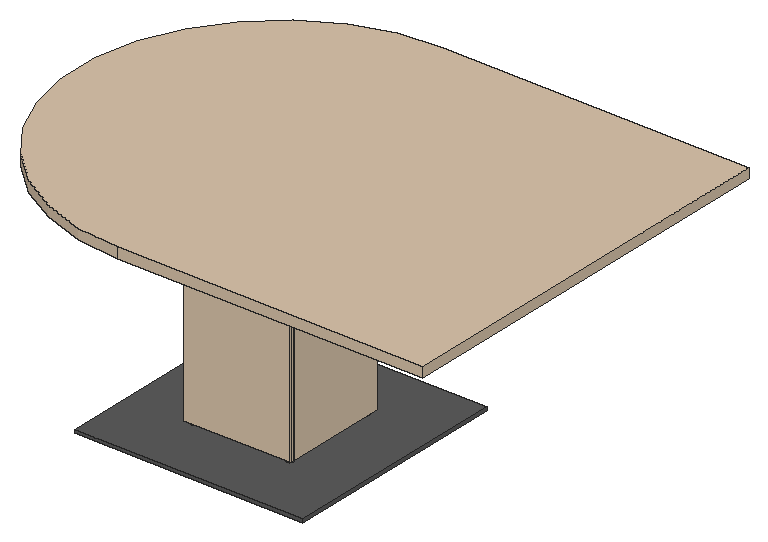
Revit family "Haworth_Planes_ColumnBaseConferenceTable_DTop", category Furniture Systems, Revit 2018
Family settings
  Round Connector Dimension = Use Diameter
  Part Type = Normal
  OmniClass Number = 23.40.70.14.64.21
  OmniClass Title = Systems Furniture
  Work Plane-Based = No
  Always vertical = Yes
  Cut with Voids When Loaded = No
  Shared = No
  Room Calculation Point = No
Parameters (values of type "60w 48d")
  Worksurface Finish = Haworth _ Laminate _ Maple H-AE
  Worksurface Edge Finish = Haworth _ Laminate _ Maple H-AE
  Warranty = "http://www.haworth.com/resources/product-info/warranties"
  URL - Product = "http://www.haworth.com/products/tables/conference/planes"
  Sustainability Info = "http://www.haworth.com/company-info/sustainablility"
  Support Panel Finish = Haworth _ Laminate _ Maple H-AE
  Support Finish = Haworth _ Paint _ Black
  Support Location = 24"
  Model = "Haworth - Planes - Column Base Conferencce Table - D Top"  # constant formula
  Min. Depth = 42"  # constant formula
  Max. Depth = 60"  # constant formula
  Width = 60"
  URL = "http://www.haworth.com/"
  Support Height = Actual Height - Table Thickness  # 27 13/16"
  Size = "Verify Final Dim. w/ Haworth"  # constant formula
  Revision Number = "2"  # constant formula
  Min. Width = if(Actual Depth = 54", 54", if(Actual Depth = 60", 60", 48"))  # 48"
  Max. Width = if(Actual Depth = 54", 72", if(Actual Depth = 60", 84", 72"))  # 72"
  Min. Height = 29"  # constant formula
  Max. Height = 42"  # constant formula
  Manufacturer = "Haworth"  # constant formula
  Height = 29"  # constant formula
  Half Depth = Actual Depth / 2  # 24"
  Description = "Haworth - Planes - Column Base Conferencce Table - D Top"  # constant formula
  Depth = 48"
  Cladding Square = yes
  Cladding Round = no
  Base Plate Square = yes
  Base Plate Round = no
  Base Finish = Haworth _ Paint _ Black
  Author = "Haworth (Hampton)"  # constant formula
  Assembly Code = "E2020200"
  Actual Width = if(Width > Max. Width, Max. Width, if(Width < Min. Width, Min. Width, Width))  # 60"
  Actual Height = if(Height > Max. Height, Max. Height, if(Height < Min. Height, Min. Height, Height))  # 29"
  Table Thickness = 1 3/16"  # constant formula
  Actual Depth = if(Depth > Max. Depth, Max. Depth, if(Depth < Min. Depth, Min. Depth, Depth))  # 48"
  60 Depth Limits = "Available Widths = 60, 66, 72, 78, 84"  # constant formula
  54 Depth Limits = "Available Widths = 54, 60, 66, 72"  # constant formula
  48 Depth Limits = "Available Widths = 48, 54, 60, 66, 72"  # constant formula
  42 Depth Limits = "Available Widths = 48, 54, 60, 66, 72"  # constant formula
Reference planes (in)
  plane 1 "Center F/B": y = -0.15866
  plane 2 "Floor": z = 0
  plane 3 "Center L/R": x = 0
  plane 4 "Table Edge Left": x = -30
  plane 5 "Table Edge Right": x = 30
  plane 6 "Table Edge Back": y = -24.15866
  plane 7 "Table Edge Front": y = 23.84134
  plane 8 "Table Bottom": z = 29
  plane 9 "masking region": z = 27.8125
  plane 10 "Cable Base Distance From Large Depth": x = -6
  plane 11: x = -6
Forms (in)
  Extrusion 1, solid, material "Haworth _ Laminate _ Maple H-AE" <- "Worksurface Finish"
    sketch origin (0, 0, 0) x (1, 0, 0) y (0, 1, 0)
      loop
        line (30, 23.84134) -> (-6, 23.84134)
        arc (-6, 23.84134) -> (-30, -0.15866) -> (-6, -24.15866) r 24
        line (-6, -24.15866) -> (30, -24.15866) -> (30, 23.84134)
    from 29 to 27.8125
Lines and regions (in)
  Masking region 1
    outline origin (0, 0, 27.8125) x (0, -1, 0) y (1, 0, 0)
      loop
        arc (-23.84134, -6) -> (0.15866, -30) -> (24.15866, -6) r 24
        line (24.15866, -6) -> (24.15866, 30) -> (-23.84134, 30) -> (-23.84134, -6)
Dimensions and locks (in)
  "Actual Depth": plane 7 "Table Edge Front" to plane 6 "Table Edge Back"
  "Actual Width": plane 4 "Table Edge Left" to plane 5 "Table Edge Right"
  equal spacing: plane 4 "Table Edge Left", plane 3 "Center L/R", plane 5 "Table Edge Right"
  equal spacing: plane 7 "Table Edge Front", plane 1 "Center F/B", plane 6 "Table Edge Back"
  "Actual Height": plane 8 "Table Bottom" to level
  plane 8 "Table Bottom" to plane 9 "masking region" = 1 3/16"
  "Support Location": plane 4 "Table Edge Left" to plane 10 "Cable Base Distance From Large Depth"
  "Half Depth": plane 4 "Table Edge Left" to plane 11
  aligned: Extrusion 1 to plane 8 "Table Bottom"
  aligned and locked: Extrusion 1 to plane 8 "Table Bottom"
  aligned and locked: plane 9 "masking region" to Extrusion 1
  aligned and locked: nested 1 to plane 10 "Cable Base Distance From Large Depth"
  aligned and locked: plane 1 "Center F/B" to nested 1
  aligned and locked: plane 11 to Masking region 1 sketch curve
  aligned and locked: plane 11 to Extrusion 1 sketch curve
  aligned and locked: Extrusion 1 to plane 6 "Table Edge Back"
  aligned and locked: plane 7 "Table Edge Front" to Extrusion 1
  aligned and locked: plane 5 "Table Edge Right" to Extrusion 1
Automatic sketch dimensions
  Masking region 1 sketch curve to plane 7 "Table Edge Front" = 0"
  Masking region 1 sketch curve to plane 5 "Table Edge Right" = 0"
  Masking region 1 sketch curve to plane 6 "Table Edge Back" = 0"
  Extrusion 1 sketch curve to plane 5 "Table Edge Right" = 0"
  Extrusion 1 sketch curve to plane 6 "Table Edge Back" = 0"
  Extrusion 1 sketch curve to plane 7 "Table Edge Front" = 0"
Nested families (in)
  nested 1: "Haworth_Planes_ColumnBase" at (-9.625, -0.15866, 0) x (0, -1, 0) z (0, 0, 1), type "Square"
Definition of nested family "Haworth_Planes_ColumnBase"
  Parameters (values of type "Round")
    Warranty = "www.haworth.com/en-us/Products/Pages/Certifications.aspx"
    URL - Product = "www.haworth.com/en-us/Products/Furniture/Tables/Conference-Ancillary/Pages/Planes.aspx"
    URL = "www.haworth.com"
    Trim Finish = none
    Top Gap = 1 1/2"  # constant formula
    Sustainability Info = "www.haworth.com/en-us/About-Us/Sustainability/Pages/Vision.aspx"
    Support Finish = none
    Size = "Verify Final Dim. w/ Haworth"  # constant formula
    Revision Number = "1"  # constant formula
    Model = "Haworth_Planes_Enhanced-Column_Base_LIMITED"  # constant formula
    Min. Height = 27"  # constant formula
    Max. Height = 36"  # constant formula
    Manufacturer = "Haworth"  # constant formula
    LEED Data = "www.haworth.com/_layouts/Haworth.ProductCatalog/Handlers/GetAsset.ashx/PlanesLEEDContributions.pdf?cid=187&rid=1508&type=Leed"
    Description = "Haworth_Planes_Enhanced-Column_Base_LIMITED"
    Column Frame Width 9 = no
    Column Frame Width 12 = yes
    Cladding Thickness = 1/8"  # constant formula
    Cladding Square = no
    Cladding Round = yes
    Cladding Radius = 8 1/2"  # constant formula
    Base Plate Square = no
    Base Plate Round = yes
    Base Plate Radius = 15"  # constant formula
    Base Height Offset = 3/8"  # constant formula
    Base Finish = none
    Base Depth Offset = 7 1/8"  # constant formula
    Author = "Haworth (Hampton)"  # constant formula
    Assembly Code = "E2020200"
    Actual Width = 12 3/4"  # constant formula
    Actual Height = 27 13/16"  # constant formula
    Actual Depth = 12 3/4"  # constant formula
  Types (2): name | Cladding Square | Cladding Round | Base Plate Square | Base Plate Round
    Square | yes | no | yes | no
    Round | no | yes | no | yes
  Reference planes (in)
    plane 1 "Center F/B": y = 3.625
    plane 2: z = 0
    plane 3 "Center L/R": x = 0
    plane 4 "Left": x = -6.375
    plane 5 "Right": x = 6.375
    plane 6 "Front": y = -2.75
    plane 7 "Top": z = 27.8125
    plane 8 "Back": y = 10
    plane 9: y = 9.25
    plane 10: x = 5.625
    plane 11: x = -5.625
    plane 12: y = -2
    plane 13 "Panel Top": z = 26.3125
    plane 14 "Base Plate Top": z = 0.375
    plane 15 "Panel Bottom": z = 0.75
    plane 16: x = -6.25
    plane 17: x = 6.25
    plane 18: y = 9.875
    plane 19: y = -2.625
    plane 20 "Plate Back": y = 17.125
    plane 21 "Plate Front": y = -9.875
    plane 22 "Plate Left": x = -13.5
    plane 23 "Plate Right": x = 13.5
    plane 24 "Angel 2": through (6.375, 10, 48) normal (0.7071, -0.7071, 0)
    plane 25 "Angel 1": through (-6.375, 10, 48) normal (0.7071, 0.7071, 0)
    plane 26: through (6.375, -2.75, 48) normal (-0.7071, -0.7071, 0)
    plane 27: through (6.375, 10, 48) normal (0.7071, -0.7071, 0)
    plane 28: through (-6.375, -2.75, 48) normal (-0.7071, 0.7071, 0)
    plane 29: through (6.375, -2.75, 48) normal (-0.7071, -0.7071, 0)
    plane 30: through (-6.375, 10, 48) normal (0.7071, 0.7071, 0)
    plane 31: through (-6.375, -2.75, 48) normal (-0.7071, 0.7071, 0)
  Forms (in)
    Extrusion 1, solid, material <- "Trim Finish", visible <- "Cladding Square"
      sketch origin (0, 0, 0) x (1, 0, 0) y (0, 1, 0)
        loop
          line (-6.375, 9.875) -> (-6.375, -2.625) -> (-6.25, -2.625) -> (-6.25, 9.875) -> (-6.375, 9.875)
      from 0.75 to 26.3125
    Extrusion 2, solid, material <- "Trim Finish", visible <- "Cladding Square"
      sketch origin (0, 0, 0) x (1, 0, 0) y (0, 1, 0)
        loop
          line (-6.25, 10) -> (-6.25, 9.875) -> (6.25, 9.875) -> (6.25, 10) -> (-6.25, 10)
      from 0.75 to 26.3125
    Extrusion 3, solid, material <- "Trim Finish", visible <- "Cladding Square"
      sketch origin (0, 0, 0) x (1, 0, 0) y (0, 1, 0)
        loop
          line (6.25, 9.875) -> (6.25, -2.625) -> (6.375, -2.625) -> (6.375, 9.875) -> (6.25, 9.875)
      from 0.75 to 26.3125
    Extrusion 4, solid, material <- "Trim Finish", visible <- "Cladding Square"
      sketch origin (0, 0, 0) x (1, 0, 0) y (0, 1, 0)
        loop
          line (-6.25, -2.625) -> (-6.25, -2.75) -> (6.25, -2.75) -> (6.25, -2.625) -> (-6.25, -2.625)
      from 0.75 to 26.3125
    Extrusion 5, solid, material <- "Support Finish"
      sketch origin (0, 0, 0) x (1, 0, 0) y (0, 1, 0)
        loop
          circle (-5.625, 9.25) r 0.375
        loop
          circle (5.625, 9.25) r 0.375
        loop
          circle (5.625, -2) r 0.375
        loop
          circle (-5.625, -2) r 0.375
      from 0.375 to 27.8125
    Extrusion 6, solid, material <- "Base Finish", visible <- "Base Plate Square"
      sketch origin (0, 0, 0) x (1, 0, 0) y (0, 1, 0)
        loop
          line (-13.5, 17.125) -> (-13.5, -9.875) -> (13.5, -9.875) -> (13.5, 17.125) -> (-13.5, 17.125)
      from 0 to 0.375
    Extrusion 7, solid, material <- "Base Finish", visible <- "Base Plate Round"
      sketch origin (0, 0, 0) x (1, 0, 0) y (0, 1, 0)
        loop
          circle (0, 3.625) r 15
      from 0 to 0.375
    Extrusion 8, solid, material <- "Trim Finish", visible <- "Cladding Round"
      sketch origin (0, 0, 0) x (1, 0, 0) y (0, 1, 0)
        loop
          arc (-6.01041, 9.63541) -> (0, 12.125) -> (6.01041, 9.63541) r 8.5
          line (6.01041, 9.63541) -> (6.01041, 9.81092)
          arc (6.01041, 9.81092) -> (0, 12.25) -> (-6.01041, 9.81092) r 8.625
          line (-6.01041, 9.81092) -> (-6.01041, 9.63541)
      from 0.75 to 26.3125
    Extrusion 9, solid, material <- "Trim Finish", visible <- "Cladding Round"
      sketch origin (-3.625, 3.625, 0) x (0, -1, 0) y (1, 0, 0)
        loop
          arc (-6.01041, 9.63541) -> (0, 12.125) -> (6.01041, 9.63541) r 8.5
          line (6.01041, 9.63541) -> (6.01041, 9.81092)
          arc (6.01041, 9.81092) -> (0, 12.25) -> (-6.01041, 9.81092) r 8.625
          line (-6.01041, 9.81092) -> (-6.01041, 9.63541)
      from 0.75 to 26.3125
    Extrusion 10, solid, material <- "Trim Finish", visible <- "Cladding Round"
      sketch origin (0, 7.25, 0) x (-1, 0, 0) y (0, -1, 0)
        loop
          arc (-6.01041, 9.63541) -> (0, 12.125) -> (6.01041, 9.63541) r 8.5
          line (6.01041, 9.63541) -> (6.01041, 9.81092)
          arc (6.01041, 9.81092) -> (0, 12.25) -> (-6.01041, 9.81092) r 8.625
          line (-6.01041, 9.81092) -> (-6.01041, 9.63541)
      from 0.75 to 26.3125
    Extrusion 11, solid, material <- "Trim Finish", visible <- "Cladding Round"
      sketch origin (3.625, 3.625, 0) x (0, 1, 0) y (-1, 0, 0)
        loop
          arc (-6.01041, 9.63541) -> (0, 12.125) -> (6.01041, 9.63541) r 8.5
          line (6.01041, 9.63541) -> (6.01041, 9.81092)
          arc (6.01041, 9.81092) -> (0, 12.25) -> (-6.01041, 9.81092) r 8.625
          line (-6.01041, 9.81092) -> (-6.01041, 9.63541)
      from 0.75 to 26.3125
  Lines and regions (in)
    symbolic lines, visible <- "Base Plate Square", detail levels medium+fine
      curve 1: line (-13.5, 17.125, 0) -> (13.5, 17.125, 0)
      curve 2: line (13.5, 17.125, 0) -> (13.5, -9.875, 0)
      curve 3: line (13.5, -9.875, 0) -> (-13.5, -9.875, 0)
      curve 4: line (-13.5, -9.875, 0) -> (-13.5, 17.125, 0)
    symbolic lines, visible <- "Cladding Square", detail levels medium+fine
      curve 5: line (-6.375, 10, 0) -> (6.375, 10, 0)
      curve 6: line (6.375, 10, 0) -> (6.375, -2.75, 0)
      curve 7: line (6.375, -2.75, 0) -> (-6.375, -2.75, 0)
      curve 8: line (-6.375, -2.75, 0) -> (-6.375, 10, 0)
    model lines, visible <- "Base Plate Round"
      curve 9: circle (0, 3.625, 0) r 15 normal (0, 0, 1)
    symbolic lines, visible <- "Base Plate Round", detail levels medium+fine
      curve 10: circle (0, 3.625, 0) r 8.5 normal (0, 0, 1)
  Dimensions and locks (in)
    equal spacing: plane 8 "Back", plane 1 "Center F/B", plane 6 "Front"
    "Actual Depth": plane 8 "Back" to plane 6 "Front"
    equal spacing: plane 4 "Left", plane 3 "Center L/R", plane 5 "Right"
    "Actual Width": plane 4 "Left" to plane 5 "Right"
    "Actual Height": plane 7 "Top" to level
    locked: plane 4 "Left" to plane 11 at 0.75
    locked: plane 10 to plane 5 "Right" at 0.75
    locked: plane 8 "Back" to plane 9 at 0.75
    locked: plane 12 to plane 6 "Front" at 0.75
    "Base Height Offset": plane 14 "Base Plate Top" to level
    "Base Height Offset": plane 15 "Panel Bottom" to plane 14 "Base Plate Top"
    "Top Gap": plane 7 "Top" to plane 13 "Panel Top"
    "Base Depth Offset": plane 22 "Plate Left" to plane 4 "Left"
    "Base Depth Offset": plane 5 "Right" to plane 23 "Plate Right"
    "Base Depth Offset": plane 21 "Plate Front" to plane 6 "Front"
    "Base Depth Offset": plane 20 "Plate Back" to plane 8 "Back"
    "Cladding Thickness": plane 8 "Back" to plane 18
    "Cladding Thickness": plane 19 to plane 6 "Front"
    "Cladding Thickness": plane 4 "Left" to plane 16
    "Cladding Thickness": plane 17 to plane 5 "Right"
    "Base Plate Radius": radius of Extrusion 7 sketch curve
    "Base Plate Radius": radius of curve 9
    "Cladding Radius": radius of Extrusion 8 sketch curve
    "Cladding Radius": radius of curve 10
    "Cladding Radius": radius of Extrusion 9 sketch curve
    "Cladding Radius": radius of Extrusion 10 sketch curve
    "Cladding Radius": radius of Extrusion 11 sketch curve
    aligned and locked: Extrusion 1 sketch curve to plane 19
    aligned and locked: plane 4 "Left" to Extrusion 1 sketch curve
    aligned and locked: Extrusion 1 sketch curve to plane 16
    aligned and locked: Extrusion 1 sketch curve to plane 18
    aligned and locked: Extrusion 2 sketch curve to plane 8 "Back"
    aligned and locked: plane 18 to Extrusion 2 sketch curve
    aligned and locked: plane 16 to Extrusion 2 sketch curve
    aligned and locked: plane 17 to Extrusion 2 sketch curve
    aligned and locked: Extrusion 3 sketch curve to plane 19
    aligned and locked: Extrusion 3 sketch curve to plane 18
    aligned and locked: Extrusion 3 sketch curve to plane 17
    aligned and locked: plane 5 "Right" to Extrusion 3 sketch curve
    aligned and locked: plane 16 to Extrusion 4 sketch curve
    aligned and locked: plane 17 to Extrusion 4 sketch curve
    aligned and locked: plane 19 to Extrusion 4 sketch curve
    aligned and locked: plane 6 "Front" to Extrusion 4 sketch curve
    aligned and locked: plane 13 "Panel Top" to Extrusion 4
    aligned and locked: Extrusion 4 to plane 15 "Panel Bottom"
    aligned and locked: plane 13 "Panel Top" to Extrusion 2
    aligned and locked: Extrusion 2 to plane 15 "Panel Bottom"
    aligned and locked: Extrusion 1 to plane 15 "Panel Bottom"
    aligned and locked: plane 13 "Panel Top" to Extrusion 1
    aligned and locked: Extrusion 3 to plane 15 "Panel Bottom"
    aligned and locked: plane 13 "Panel Top" to Extrusion 3
    aligned and locked: Extrusion 5 to plane 14 "Base Plate Top"
    aligned and locked: plane 7 "Top" to Extrusion 5
    aligned and locked: plane 22 "Plate Left" to Extrusion 6 sketch curve
    aligned and locked: Extrusion 6 sketch curve to plane 21 "Plate Front"
    aligned and locked: plane 23 "Plate Right" to Extrusion 6 sketch curve
    aligned and locked: Extrusion 6 sketch curve to plane 20 "Plate Back"
    aligned and locked: Extrusion 6 to plane 2
    aligned and locked: Extrusion 6 to plane 14 "Base Plate Top"
    aligned and locked: curve 1 to plane 20 "Plate Back"
    aligned and locked: plane 22 "Plate Left" to curve 4
    aligned and locked: curve 3 to plane 21 "Plate Front"
    aligned and locked: plane 23 "Plate Right" to curve 2
    aligned and locked: plane 5 "Right" to curve 6
    aligned and locked: curve 5 to plane 8 "Back"
    aligned and locked: plane 4 "Left" to curve 8
    aligned and locked: plane 6 "Front" to curve 7
    aligned and locked: Extrusion 7 to plane 2
    aligned and locked: Extrusion 7 to plane 14 "Base Plate Top"
    aligned and locked: plane 13 "Panel Top" to Extrusion 8
    aligned and locked: Extrusion 8 to plane 15 "Panel Bottom"
    aligned and locked: Extrusion 11 to plane 15 "Panel Bottom"
    aligned and locked: Extrusion 10 to plane 15 "Panel Bottom"
    aligned and locked: Extrusion 9 to plane 15 "Panel Bottom"
    aligned and locked: plane 13 "Panel Top" to Extrusion 11
    aligned and locked: plane 13 "Panel Top" to Extrusion 10
    aligned and locked: plane 13 "Panel Top" to Extrusion 9
  Automatic sketch dimensions
    Extrusion 5 sketch curve to plane 11 = 0"  (x2)
    Extrusion 5 sketch curve to plane 9 = 0"  (x2)
    Extrusion 5 sketch curve to plane 10 = 0"  (x2)
    Extrusion 5 sketch curve to plane 12 = 0"  (x2)
    curve 9 to curve 10 = 0"  (x2)
    plane 1 "Center F/B" to curve 9 = 0"
    curve 9 to plane 3 "Center L/R" = 0"
    plane 1 "Center F/B" to Extrusion 7 sketch curve = 0"
    Extrusion 7 sketch curve to plane 3 "Center L/R" = 0"
    Extrusion 8 sketch curve to Extrusion 8 sketch curve = 0"  (x2)
    plane 25 "Angel 1" to Extrusion 8 sketch curve = 0"
    plane 1 "Center F/B" to Extrusion 8 sketch curve = 0"
    Extrusion 8 sketch curve to plane 3 "Center L/R" = 0"
    plane 24 "Angel 2" to Extrusion 8 sketch curve = 0"
    Extrusion 8 sketch curve to plane 18 = 0.06408"
    Extrusion 9 sketch curve to Extrusion 9 sketch curve = 0"  (x2)
    Extrusion 9 sketch curve to plane 27 = 0"
    plane 1 "Center F/B" to Extrusion 9 sketch curve = 0"
    plane 26 to Extrusion 9 sketch curve = 0"
    Extrusion 9 sketch curve to plane 3 "Center L/R" = 0"
    plane 17 to Extrusion 9 sketch curve = 0.06408"
    Extrusion 10 sketch curve to Extrusion 10 sketch curve = 0"  (x2)
    Extrusion 10 sketch curve to plane 29 = 0"
    plane 1 "Center F/B" to Extrusion 10 sketch curve = 0"
    Extrusion 10 sketch curve to plane 3 "Center L/R" = 0"
    Extrusion 10 sketch curve to plane 28 = 0"
    Extrusion 10 sketch curve to plane 19 = 0.06408"
    Extrusion 11 sketch curve to Extrusion 11 sketch curve = 0"  (x2)
    plane 31 to Extrusion 11 sketch curve = 0"
    plane 1 "Center F/B" to Extrusion 11 sketch curve = 0"
    Extrusion 11 sketch curve to plane 30 = 0"
    Extrusion 11 sketch curve to plane 3 "Center L/R" = 0"
    plane 16 to Extrusion 11 sketch curve = 0.06408"
    radius of Extrusion 5 sketch curve = 3/8"  (x4)
Types in the file's own list only (13): name | Width | Min. Width | Max. Width | Half Depth | Depth | Actual Width | Actual Depth
  48w 48d | 48" | 48" | 72" | 24" | 48" | 48" | 48"
  54w 48d | 54" | 48" | 72" | 24" | 48" | 54" | 48"
  66w 48d | 66" | 48" | 72" | 24" | 48" | 66" | 48"
  72w 48d | 72" | 48" | 72" | 24" | 48" | 72" | 48"
  48w 54d | 48" | 54" | 72" | 27" | 54" | 54" | 54"
  60w 54d | 60" | 54" | 72" | 27" | 54" | 60" | 54"
  66w 54d | 66" | 54" | 72" | 27" | 54" | 66" | 54"
  72w 54d | 72" | 54" | 72" | 27" | 54" | 72" | 54"
  60w 60d | 60" | 60" | 84" | 30" | 60" | 60" | 60"
  66w 60d | 66" | 60" | 84" | 30" | 60" | 66" | 60"
  72w 60d | 72" | 60" | 84" | 30" | 60" | 72" | 60"
  78w 60d | 78" | 60" | 84" | 30" | 60" | 78" | 60"
  84w 60d | 84" | 60" | 84" | 30" | 60" | 84" | 60"
